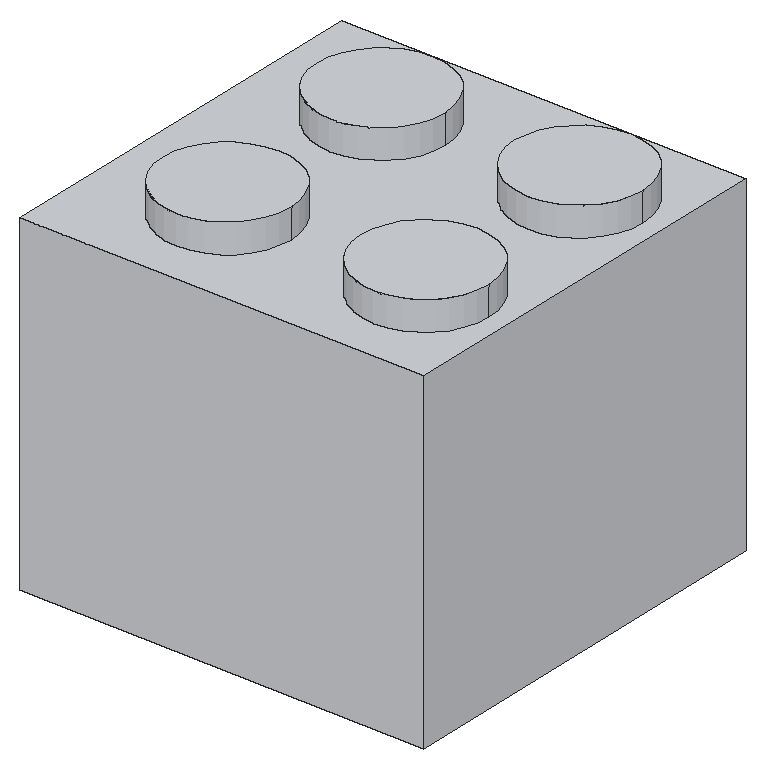
Revit family "M_Condensador - Resfriado a ar - Horizontal - 180-533 kW", category Equipamento mecânico, Revit 2019
Family settings
  Cota do conector redondo = Usar raio
  Tipo de parte = Normal
  Número OmniClass = 23.75.10.24.21.11.11
  Título OmniClass = Packaged Refrigerant Condensing Coils and Fan Units
  ID de item do Seek = Condenser - Air Cooled - Horizontal - 180-533 kW-0000-CAN-ENU
  Com base no plano de trabalho = Não
  Sempre na vertical = Sim
  Corte com vazios quando carregada = Não
  Compartilhado = Não
  Ponto de cálculo do ambiente = Não
Parameters (values of type "180 kW")
  Voltagem = 460 V
  Visibilidade 3 = no
  Visibilidade 2 = no
  Visibilidade 1 = no
  Raio 1 = Diâmetro 1 / 2  # 355.5 mm
  Raio da saída = 7.5 mm
  Diâmetro da saída = 2 * Raio da saída  # 15 mm
  Número de pólos = 3
  Classificação de carga = Refrigeração
  Comprimento 2 = 1372 mm
  Comprimento 1 = 1099 mm
  Raio da embocadura = 14 mm
  Diâmetro da embocadura = 2 * Raio da embocadura  # 28 mm
  Altura 1 = 127 mm
  Diâmetro 1 = 711 mm
  Fluxo de material criogênico [instance] = 0.0 L/s
  Largura do condensador = 2238 mm
  Material do condensador = none
  Comprimento do condensador = 2242 mm
  Altura do condensador = 1854 mm
  C4 Deslocamento 2 = 1540 mm
  C4 Deslocamento 1 = 276 mm
  C3 Deslocamento 2 = 1651 mm
  C3 Deslocamento 1 = 1784 mm
  C2 Deslocamento 2 = 705 mm
  C2 Deslocamento 1 = 2127 mm
  C1 Deslocamento 2 = 594 mm
  C1 Deslocamento 1 = 616 mm
  Carga aparente [instance] = 3540 VA
Types (7, lengths in mm): name | Visibilidade 3 | Visibilidade 2 | Visibilidade 1 | Raio 1 | Raio da saída | Diâmetro da saída | Comprimento 2 | Comprimento 1 | Raio da embocadura | Diâmetro da embocadura | Diâmetro 1 | Comprimento do condensador | C4 Deslocamento 2 | C4 Deslocamento 1 | C3 Deslocamento 2 | C3 Deslocamento 1 | C2 Deslocamento 2 | C2 Deslocamento 1 | C1 Deslocamento 2 | C1 Deslocamento 1 | Carga aparente
  (no name) | no | no | no | 355.5 | 7.5 | 15 | 1372 | 1099 | 14 | 28 | 711 | 2242 | 1540 | 276 | 1651 | 1784 | 705 | 2127 | 594 | 616 | 3540 VA
  180 kW | no | no | no | 355.5 | 7.5 | 15 | 1372 | 1099 | 14 | 28 | 711 | 2242 | 1540 | 276 | 1651 | 1784 | 705 | 2127 | 594 | 616 | 3540 VA
  209 kW | no | no | yes | 355.5 | 7.5 | 15 | 1372 | 838 | 17.5 | 35 | 711 | 2892 | 1543 | 302 | 1654 | 1861 | 699 | 2356 | 591 | 1200 | 5200 VA
  260 kW | no | no | yes | 381 | 11.5 | 23 | 1372 | 838 | 17.5 | 35 | 762 | 2892 | 1543 | 302 | 1654 | 1861 | 699 | 2356 | 591 | 1200 | 5200 VA
  364 kW | no | yes | yes | 355.5 | 11.5 | 23 | 1372 | 1095 | 21 | 42 | 711 | 4477 | 1759 | 559 | 432 | 3696 | 1899 | 559 | 359 | 2137 | 6900 VA
  418 kW | yes | no | yes | 381 | 14 | 28 | 1194 | 832 | 21 | 42 | 762 | 5772 | 1765 | 559 | 187 | 4731 | 1892 | 559 | 238 | 2800 | 10100 VA
  533 kW | yes | no | yes | 381 | 14 | 28 | 1194 | 832 | 27 | 54 | 762 | 5772 | 1765 | 559 | 238 | 4836 | 1892 | 559 | 238 | 2800 | 10100 VA
Reference planes
  plane 1 "Centro (Frente/Trás)": y = 0
  plane 2: z = 0
  plane 3 "Centro (Esquerda/Direita)": x = 0
  plane 4: x = 2242
  plane 5: y = -2238
  plane 6: z = 1854
  plane 7: x = 63.5
  plane 8: x = 2178.5
  plane 9: y = -63.5
  plane 10: y = -2174.5
  plane 11: z = 127
  plane 12: x = 203.2
  plane 13: y = -2168.15
  plane 14: y = -1107.7
  plane 15: z = 1784.15
  plane 16: z = 895.15
  plane 17: x = 1784.8
  plane 18: y = -1653.8
  plane 19: y = -584.2
  plane 20: z = 2015.925
  plane 21: x = 685.8
  plane 22: x = -413.2
  plane 23: x = -1512.2
  plane 24: x = -1785.2
  plane 25: x = -2884.2
  plane 26: x = -3983.2
  plane 27: x = 1784
  plane 28: y = -587
  plane 29: x = 276
  plane 30: y = -698
  plane 31: x = 616
  plane 32: y = -1644
  plane 33: x = 2127
  plane 34: y = -1533
  plane 35: x = 92.075
  plane 36: y = -2057.025
Forms (mm)
  Extrusion 1, solid, material <- "Material do condensador"
    sketch origin (0, 0, 0) x (1, 0, 0) y (0, 1, 0)
      loop
        line (0, 0) -> (0, -2238) -> (2242, -2238) -> (2242, 0) -> (0, 0)
    from 0 to 1854
  Extrusion 2, void
    sketch origin (0, 0, 0) x (1, 0, 0) y (0, 1, 0)
      loop
        line (63.5, -63.5) -> (63.5, -2174.5) -> (2178.5, -2174.5) -> (2178.5, -63.5) -> (63.5, -63.5)
    from 0 to 127
  Extrusion 3, void
    sketch origin (0, 0, 0) x (1, 0, 0) y (0, 1, 0)
      loop
        line (0, -1107.7) -> (0, -2168.15) -> (203.2, -2168.15) -> (203.2, -1107.7) -> (0, -1107.7)
    from 895.15 to 1784.15
  Extrusion 4, solid, material <- "Material do condensador", detail levels fine
    sketch origin (0, 0, 0) x (1, 0, 0) y (0, 1, 0)
      loop
        circle (1784.8, -584.2) r 355.5
    from 1854 to 2015.925
  Extrusion 5, solid, material <- "Material do condensador", detail levels fine
    sketch origin (0, 0, 0) x (1, 0, 0) y (0, 1, 0)
      loop
        circle (1784.8, -1653.8) r 355.5
    from 1854 to 2015.925
  Extrusion 6, solid, material <- "Material do condensador", detail levels fine
    sketch origin (0, 0, 0) x (1, 0, 0) y (0, 1, 0)
      loop
        circle (685.8, -584.2) r 355.5
    from 1854 to 2015.925
  Extrusion 7, solid, material <- "Material do condensador", detail levels fine
    sketch origin (0, 0, 0) x (1, 0, 0) y (0, 1, 0)
      loop
        circle (685.8, -1653.8) r 355.5
    from 1854 to 2015.925
  Extrusion 8, solid, material <- "Material do condensador", visible <- "Visibilidade 1", detail levels fine
    sketch origin (0, 0, 0) x (1, 0, 0) y (0, 1, 0)
      loop
        circle (-413.2, -1653.8) r 355.5
    from 1854 to 2015.925
  Extrusion 9, solid, material <- "Material do condensador", visible <- "Visibilidade 1", detail levels fine
    sketch origin (0, 0, 0) x (1, 0, 0) y (0, 1, 0)
      loop
        circle (-413.2, -584.2) r 355.5
    from 1854 to 2015.925
  Extrusion 10, solid, material <- "Material do condensador", visible <- "Visibilidade 2", detail levels fine
    sketch origin (0, 0, 0) x (1, 0, 0) y (0, 1, 0)
      loop
        circle (-1512.2, -1653.8) r 355.5
    from 1854 to 2015.925
  Extrusion 11, solid, material <- "Material do condensador", visible <- "Visibilidade 2", detail levels fine
    sketch origin (0, 0, 0) x (1, 0, 0) y (0, 1, 0)
      loop
        circle (-1512.2, -584.2) r 355.5
    from 1854 to 2015.925
  Extrusion 12, solid, material <- "Material do condensador", visible <- "Visibilidade 3", detail levels fine
    sketch origin (0, 0, 0) x (1, 0, 0) y (0, 1, 0)
      loop
        circle (-1785.2, -584.2) r 355.5
    from 1854 to 2015.925
  Extrusion 13, solid, material <- "Material do condensador", visible <- "Visibilidade 3", detail levels fine
    sketch origin (0, 0, 0) x (1, 0, 0) y (0, 1, 0)
      loop
        circle (-1785.2, -1653.8) r 355.5
    from 1854 to 2015.925
  Extrusion 14, solid, material <- "Material do condensador", visible <- "Visibilidade 3", detail levels fine
    sketch origin (0, 0, 0) x (1, 0, 0) y (0, 1, 0)
      loop
        circle (-2884.2, -1653.8) r 355.5
    from 1854 to 2015.925
  Extrusion 15, solid, material <- "Material do condensador", visible <- "Visibilidade 3", detail levels fine
    sketch origin (0, 0, 0) x (1, 0, 0) y (0, 1, 0)
      loop
        circle (-2884.2, -584.2) r 355.5
    from 1854 to 2015.925
  Extrusion 16, solid, material <- "Material do condensador", visible <- "Visibilidade 3", detail levels fine
    sketch origin (0, 0, 0) x (1, 0, 0) y (0, 1, 0)
      loop
        circle (-3983.2, -1653.8) r 355.5
    from 1854 to 2015.925
  Extrusion 17, solid, material <- "Material do condensador", visible <- "Visibilidade 3", detail levels fine
    sketch origin (0, 0, 0) x (1, 0, 0) y (0, 1, 0)
      loop
        circle (-3983.2, -584.2) r 355.5
    from 1854 to 2015.925
  Extrusion 18, solid, material <- "Material do condensador"
    sketch origin (0, 0, 0) x (1, 0, 0) y (0, 1, 0)
      loop
        circle (1784, -587) r 12.7
    from 127 to 895.15
  Extrusion 19, solid, material <- "Material do condensador"
    sketch origin (0, 0, 0) x (1, 0, 0) y (0, 1, 0)
      loop
        circle (276, -698) r 12.7
    from 127 to 895.15
  Extrusion 20, solid, material <- "Material do condensador"
    sketch origin (0, 0, 0) x (1, 0, 0) y (0, 1, 0)
      loop
        circle (616, -1644) r 12.7
    from 127 to 895.15
  Extrusion 21, solid, material <- "Material do condensador"
    sketch origin (0, 0, 0) x (1, 0, 0) y (0, 1, 0)
      loop
        circle (2127, -1533) r 12.7
    from 127 to 895.15
  Extrusion 22, solid, material <- "Material do condensador"
    sketch origin (0, 0, 0) x (1, 0, 0) y (0, 1, 0)
      loop
        circle (92.075, -2057.025) r 12.7
    from 895.15 to 127
Cuts and joins
  Extrusion 2, Extrusion 3 cuts Extrusion 1
  joined: Extrusion 1, Extrusion 18, Extrusion 19, Extrusion 20, Extrusion 21, Extrusion 22
  joined: Extrusion 12, Extrusion 13, Extrusion 14, Extrusion 15, Extrusion 16, Extrusion 17
  joined: Extrusion 10, Extrusion 11
  joined: Extrusion 8, Extrusion 9
  joined: Extrusion 4, Extrusion 5, Extrusion 6, Extrusion 7
Dimensions and locks
  "Comprimento do condensador": plane 3 "Centro (Esquerda/Direita)" to plane 4
  "Largura do condensador": plane 5 to plane 1 "Centro (Frente/Trás)"
  "Altura do condensador": plane 6 to plane 2
  locked: plane 3 "Centro (Esquerda/Direita)" to plane 7 at 63.5
  locked: plane 8 to plane 4 at 63.5
  locked: plane 10 to plane 5 at 63.5
  locked: plane 1 "Centro (Frente/Trás)" to plane 9 at 63.5
  "Altura 1": plane 11 to plane 2
  locked: plane 3 "Centro (Esquerda/Direita)" to plane 12 at 203.2
  locked: plane 13 to plane 5 at 69.85
  locked: plane 14 to plane 13 at 1060.45
  locked: plane 6 to plane 15 at 69.85
  locked: plane 15 to plane 16 at 889
  locked: plane 17 to plane 4 at 457.2
  locked: plane 18 to plane 5 at 584.2
  locked: plane 19 to plane 1 "Centro (Frente/Trás)" at 584.2
  locked: plane 20 to plane 6 at 161.925
  "Comprimento 1": plane 21 to plane 17
  "Comprimento 1": plane 22 to plane 21
  "Comprimento 1": plane 23 to plane 22
  "Comprimento 2": plane 24 to plane 22
  "Comprimento 1": plane 25 to plane 24
  "Comprimento 1": plane 26 to plane 25
  "C3 Deslocamento 1": plane 3 "Centro (Esquerda/Direita)" to plane 27
  "C3 Deslocamento 2": plane 28 to plane 5
  "C4 Deslocamento 1": plane 3 "Centro (Esquerda/Direita)" to plane 29
  "C4 Deslocamento 2": plane 30 to plane 5
  "C1 Deslocamento 1": plane 3 "Centro (Esquerda/Direita)" to plane 31
  "C1 Deslocamento 2": plane 32 to plane 5
  "C2 Deslocamento 1": plane 3 "Centro (Esquerda/Direita)" to plane 33
  "C2 Deslocamento 2": plane 34 to plane 5
  locked: plane 3 "Centro (Esquerda/Direita)" to plane 35 at 92.075
  locked: plane 36 to plane 5 at 180.975
  "Raio 1": radius of Extrusion 4 sketch curve
  "Raio 1": radius of Extrusion 5 sketch curve
  "Raio 1": radius of Extrusion 7 sketch curve
  "Raio 1": radius of Extrusion 6 sketch curve
  "Raio 1": radius of Extrusion 8 sketch curve
  "Raio 1": radius of Extrusion 9 sketch curve
  "Raio 1": radius of Extrusion 10 sketch curve
  "Raio 1": radius of Extrusion 11 sketch curve
  "Raio 1": radius of Extrusion 12 sketch curve
  "Raio 1": radius of Extrusion 13 sketch curve
  "Raio 1": radius of Extrusion 14 sketch curve
  "Raio 1": radius of Extrusion 15 sketch curve
  "Raio 1": radius of Extrusion 16 sketch curve
  "Raio 1": radius of Extrusion 17 sketch curve
  aligned and locked: plane 3 "Centro (Esquerda/Direita)" to Extrusion 1 sketch curve
  aligned and locked: plane 1 "Centro (Frente/Trás)" to Extrusion 1 sketch curve
  aligned and locked: plane 5 to Extrusion 1 sketch curve
  aligned and locked: Extrusion 1 sketch curve to plane 4
  aligned and locked: plane 6 to Extrusion 1
  aligned and locked: Extrusion 1 to plane 2
  aligned and locked: plane 7 to Extrusion 2 sketch curve
  aligned and locked: Extrusion 2 sketch curve to plane 9
  aligned and locked: plane 10 to Extrusion 2 sketch curve
  aligned and locked: Extrusion 2 sketch curve to plane 8
  aligned and locked: plane 11 to Extrusion 2
  aligned and locked: Extrusion 2 to plane 2
  aligned and locked: cut or joined group 1 (Extrusion 1, Extrusion 2, Extrusion 3, Extrusion 18, Extrusion 19, Extrusion 20, Extrusion 21, Extrusion 22) to Extrusion 3 sketch curve
  aligned and locked: plane 13 to Extrusion 3 sketch curve
  aligned and locked: Extrusion 3 sketch curve to plane 12
  aligned and locked: Extrusion 3 sketch curve to plane 14
  aligned and locked: plane 15 to Extrusion 3
  aligned and locked: Extrusion 3 to plane 16
  aligned and locked: plane 19 to Extrusion 4 sketch curve
  aligned and locked: plane 17 to Extrusion 4 sketch curve
  aligned and locked: plane 20 to Extrusion 4
  aligned and locked: Extrusion 4 to plane 6
  aligned and locked: plane 18 to Extrusion 5 sketch curve
  aligned and locked: plane 17 to Extrusion 5 sketch curve
  aligned and locked: Extrusion 5 to Extrusion 4
  aligned and locked: Extrusion 5 to plane 6
  aligned and locked: plane 19 to Extrusion 6 sketch curve
  aligned and locked: plane 21 to Extrusion 6 sketch curve
  aligned and locked: Extrusion 4 to Extrusion 6
  aligned and locked: Extrusion 6 to plane 6
  aligned and locked: plane 18 to Extrusion 7 sketch curve
  aligned and locked: plane 21 to Extrusion 7 sketch curve
  aligned and locked: Extrusion 4 to Extrusion 7
  aligned and locked: Extrusion 7 to plane 6
  aligned and locked: plane 18 to Extrusion 8 sketch curve
  aligned and locked: plane 22 to Extrusion 8 sketch curve
  aligned and locked: Extrusion 4 to Extrusion 8
  aligned and locked: Extrusion 8 to plane 6
  aligned and locked: plane 19 to Extrusion 9 sketch curve
  aligned and locked: plane 22 to Extrusion 9 sketch curve
  aligned and locked: Extrusion 4 to Extrusion 9
  aligned and locked: Extrusion 9 to plane 6
  aligned and locked: plane 18 to Extrusion 10 sketch curve
  aligned and locked: plane 23 to Extrusion 10 sketch curve
  aligned and locked: Extrusion 4 to Extrusion 10
  aligned and locked: Extrusion 10 to plane 6
  aligned and locked: plane 19 to Extrusion 11 sketch curve
  aligned and locked: plane 23 to Extrusion 11 sketch curve
  aligned and locked: Extrusion 4 to Extrusion 11
  aligned and locked: Extrusion 11 to plane 6
  aligned and locked: plane 19 to Extrusion 12 sketch curve
  aligned and locked: plane 24 to Extrusion 12 sketch curve
  aligned and locked: plane 20 to Extrusion 12
  aligned and locked: Extrusion 12 to plane 6
  aligned and locked: plane 18 to Extrusion 13 sketch curve
  aligned and locked: plane 24 to Extrusion 13 sketch curve
  aligned and locked: Extrusion 4 to Extrusion 13
  aligned and locked: Extrusion 13 to plane 6
  aligned and locked: plane 18 to Extrusion 14 sketch curve
  aligned and locked: plane 25 to Extrusion 14 sketch curve
  aligned and locked: Extrusion 4 to Extrusion 14
  aligned and locked: Extrusion 14 to plane 6
  aligned and locked: plane 19 to Extrusion 15 sketch curve
  aligned and locked: plane 25 to Extrusion 15 sketch curve
  aligned and locked: Extrusion 4 to Extrusion 15
  aligned and locked: Extrusion 15 to plane 6
  aligned and locked: plane 18 to Extrusion 16 sketch curve
  aligned and locked: plane 26 to Extrusion 16 sketch curve
  aligned and locked: plane 20 to Extrusion 16
  aligned and locked: Extrusion 16 to plane 6
  aligned and locked: plane 19 to Extrusion 17 sketch curve
  aligned and locked: plane 26 to Extrusion 17 sketch curve
  aligned and locked: plane 20 to Extrusion 17
  aligned and locked: Extrusion 17 to plane 6
  aligned and locked: plane 28 to Extrusion 18 sketch curve
  aligned and locked: plane 27 to Extrusion 18 sketch curve
  aligned and locked: Extrusion 18 to cut or joined group 1  (x2)
  aligned and locked: plane 30 to Extrusion 19 sketch curve
  aligned and locked: plane 29 to Extrusion 19 sketch curve
  aligned and locked: Extrusion 19 to cut or joined group 1  (x2)
  aligned and locked: plane 32 to Extrusion 20 sketch curve
  aligned and locked: plane 31 to Extrusion 20 sketch curve
  aligned and locked: Extrusion 20 to cut or joined group 1  (x2)
  aligned and locked: plane 34 to Extrusion 21 sketch curve
  aligned and locked: plane 33 to Extrusion 21 sketch curve
  aligned and locked: plane 16 to Extrusion 21
  aligned and locked: Extrusion 21 to cut or joined group 1
  aligned and locked: plane 36 to Extrusion 22 sketch curve
  aligned and locked: plane 35 to Extrusion 22 sketch curve
  aligned and locked: Extrusion 22 to cut or joined group 1  (x2)
Automatic sketch dimensions
  radius of Extrusion 18 sketch curve = 12.7 mm
  radius of Extrusion 19 sketch curve = 12.7 mm
  radius of Extrusion 20 sketch curve = 12.7 mm
  radius of Extrusion 21 sketch curve = 12.7 mm
  radius of Extrusion 22 sketch curve = 12.7 mm
Connectors
  piping at (2127, -1533, 127), diameter 15, driven by "Raio da saída", driven by "Fluxo de material criogênico"
    settings: on Extrusion 21, index 1, connector inside diameter 15 mm, connector length 0 mm, flow factor 0, pipe flow 0.0 L/s, pressure drop 0.0 Pa, fitting loss kfactor 0, connector angle 0.00°, fixture units 0, engagement length 0 mm, angle of deflection 0.00°, flow configuration 0, flow direction 2, fitting loss method 0, system type 7, joint type 0, gender type 0, connector reference index -1, connector utility 0, adjustable connector no, is connector primary yes, connector description "Saída de material criogênico"
  piping at (616, -1644, 127), diameter 28, driven by "Raio da embocadura", driven by "Fluxo de material criogênico"
    settings: on Extrusion 20, index 2, connector inside diameter 28 mm, connector length 0 mm, flow factor 0, pipe flow 0.0 L/s, pressure drop 0.0 Pa, fitting loss kfactor 0, connector angle 0.00°, fixture units 0, engagement length 0 mm, angle of deflection 0.00°, flow configuration 0, flow direction 1, fitting loss method 0, system type 8, joint type 0, gender type 0, connector reference index -1, connector utility 0, adjustable connector no, is connector primary no, connector description "Entrada de material criogênico"
  piping at (276, -698, 127), diameter 15, driven by "Fluxo de material criogênico", driven by "Raio da saída"
    settings: on Extrusion 19, index 3, connector inside diameter 15 mm, connector length 0 mm, flow factor 0, pipe flow 0.0 L/s, pressure drop 0.0 Pa, fitting loss kfactor 0, connector angle 0.00°, fixture units 0, engagement length 0 mm, angle of deflection 0.00°, flow configuration 0, flow direction 2, fitting loss method 0, system type 7, joint type 0, gender type 0, connector reference index -1, connector utility 0, adjustable connector no, is connector primary no, connector description "Saída de material criogênico"
  piping at (1784, -587, 127), diameter 28, driven by "Fluxo de material criogênico", driven by "Raio da embocadura"
    settings: on Extrusion 18, index 4, connector inside diameter 28 mm, connector length 0 mm, flow factor 0, pipe flow 0.0 L/s, pressure drop 0.0 Pa, fitting loss kfactor 0, connector angle 0.00°, fixture units 0, engagement length 0 mm, angle of deflection 0.00°, flow configuration 0, flow direction 1, fitting loss method 0, system type 8, joint type 0, gender type 0, connector reference index -1, connector utility 0, adjustable connector no, is connector primary no, connector description "Entrada de material criogênico"
  electrical at (92.075, -2057.025, 895.15), driven by "Carga aparente", driven by "Voltagem", driven by "Número de pólos", driven by "Classificação de carga"
    settings: on Extrusion 22, index 5, voltage 460 V, apparent load 3540 VA, apparent load phase1 0 VA, apparent load phase2 0 VA, apparent load phase3 0 VA, power factor 0.8, load classification "Refrigeração", number of poles 3, system type 30, power factor state 1, is connector primary yes, connector utility no, sub classification motor no, connector description ""
